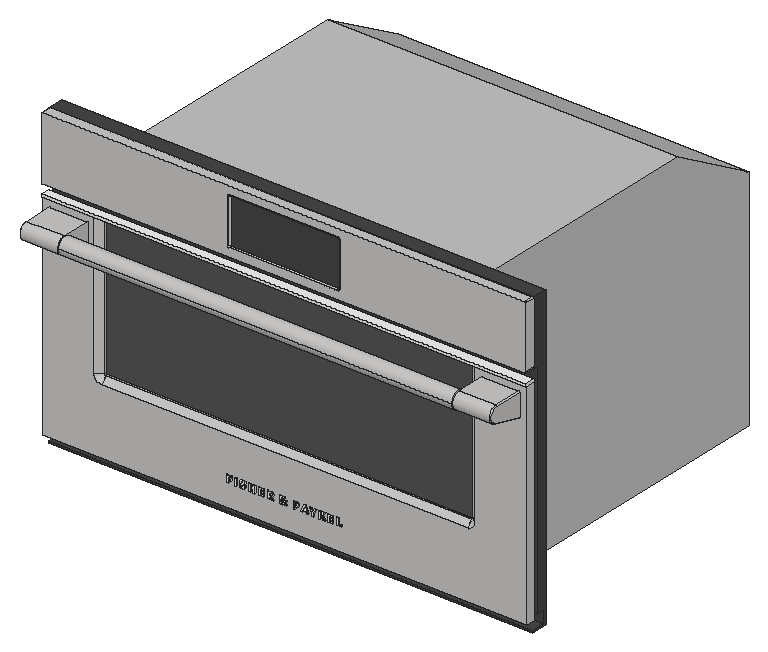
Revit family "FP_Revit_18_OM30NPX1_Speed_Oven_90001974A", category Specialty Equipment, Revit 2018
Family settings
  Round Connector Dimension = Use Diameter
  Part Type = Normal
  OmniClass Number = 23.40.40.14.17.11
  OmniClass Title = Cookers, Ovens, Stoves
  Work Plane-Based = No
  Always vertical = Yes
  Cut with Voids When Loaded = Yes
  Shared = No
  Room Calculation Point = No
Parameters (values of type "OM30NPX1")
  Visibility - Clearance Required = yes
  URL = "www.fisherpaykel.com"
  Product - Width = 758 mm  # constant formula
  Product - Height = 470 mm  # constant formula
  Product - Depth = 623 mm  # constant formula
  Model = "OM30NPX1"
  Material - Trim = Fisher & Paykel - Steel, Chrome Plated
  Material - Structure = Fisher & Paykel - Black
  Material - Logo = Fisher & Paykel - Steel, Chrome Plated
  Material - Handle = Fisher & Paykel - Stainless Steel
  Material - Glass = Fisher & Paykel - Glass, Black
  Material - Front = Fisher & Paykel - Stainless Steel
  Material - Display Panel = Fisher & Paykel - Black
  Material - Body = Fisher & Paykel - Grey
  Manufacturer = "Fisher & Paykel Appliances"
  Keynote = ""
  FFL Offset [instance] = 860 mm
  Description = "30\" Convection Speed Oven"
  Connector Description - Electrical = "120/208 V - 120/240 V, 60 Hz, 15 A circuit"
  Chassis - Width = 645 mm  # constant formula
  Chassis - Height = 447 mm  # constant formula
  Chassis - Depth = 528 mm  # constant formula
  Cavity - Width = 762 mm  # constant formula
  Cavity - Height = 474 mm  # constant formula
  Cavity - Depth = 560 mm  # constant formula
Types (3, lengths in mm): name | Model | Description
  (no name) | "OM30NPX1" | "30\" Convection Speed Oven"
  OS30NPX1 | "OS30NPX1" | "30\" Combination Steam Oven"
  OM30NPX1 | "OM30NPX1" | "30\" Convection Speed Oven"
Reference planes
  plane 1 "Datum": y = 0
  plane 2: z = 0
  plane 3 "Center (Left/Right)": x = 0
  plane 4 "Product - LHS": x = -379
  plane 5 "Product - RHS": x = 379
  plane 6 "Product - Depth": y = 528
  plane 7 "Cavity - LHS": x = -381
  plane 8 "Cavity - RHS": x = 381
  plane 9 "Cavity - Depth": y = 560
  plane 10 "Chassis - LHS": x = -274
  plane 11 "Chassis - RHS": x = 274
  plane 12 "Bottom": z = 862
  plane 13 "Product - Height": z = 1332
  plane 14 "Base": z = 872
  plane 15 "Front": y = -39
  plane 16 "Cavity Base": z = 860
  plane 17 "Cavity - Height": z = 1334
Forms (mm)
  Extrusion 1, solid, material "Fisher & Paykel - Grey" <- "Material - Body"
    sketch origin (0, 0, -15.866) x (0, 1, 0) y (0, 0, 1)
      loop
        line (0, 887.866) -> (528, 887.866) -> (528, 1245.013) -> (391, 1325) -> (17.088, 1325) -> (0, 1334.866) -> (0, 887.866)
    from -274 to 274
  Extrusion 2, solid, material "Fisher & Paykel - Black" <- "Material - Structure"
    sketch origin (0, 0, 0) x (0, 1, 0) y (0, 0, 1)
      loop
        line (0, 1332) -> (-24, 1332) -> (-24, 1232) -> (-16, 1232) -> (-16, 885) -> (-3, 885) -> (-3, 865) -> (-25, 865) -> (-25, 862) -> (0, 862) -> (0, 1332)
    from -379 to 379
  Extrusion 3, solid, material "Fisher & Paykel - Black" <- "Material - Structure", detail levels fine
    sketch origin (0, 0, 0) x (0, 1, 0) y (0, 0, 1)
      loop
        line (-16, 884) -> (-16, 1202) -> (-24, 1202) -> (-24, 884) -> (-16, 884)
    from -273 to 273
  Extrusion 4, solid, material "Fisher & Paykel - Stainless Steel" <- "Material - Front"
    sketch origin (0, 0, 0) x (1, 0, 0) y (0, 0, 1)
      loop
        line (-379, 1213) -> (-379, 878) -> (379, 878) -> (379, 1213) -> (298.5, 1213) -> (298.5, 993.5)
        arc (298.5, 993.5) -> (294.985, 985.015) -> (286.5, 981.5) r 12
        line (286.5, 981.5) -> (-286.5, 981.5)
        arc (-286.5, 981.5) -> (-294.985, 985.015) -> (-298.5, 993.5) r 12
        line (-298.5, 993.5) -> (-298.5, 1213) -> (-379, 1213)
    from 24 to 37.3
  Extrusion 5, solid, material "Fisher & Paykel - Black" <- "Material - Display Panel", detail levels fine
    sketch origin (0, 0, 0) x (1, 0, 0) y (0, 0, 1)
      loop
        line (-87.5, 1319.5) -> (-87.5, 1244.5) -> (87.5, 1244.5) -> (87.5, 1319.5) -> (-87.5, 1319.5)
    from 24 to 36.505
  Extrusion 6, void
    sketch origin (0, 0, 0) x (1, 0, 0) y (0, 0, 1)
      loop
        line (-164, 1038) -> (-224, 1038)
        arc (-224, 1038) -> (-240.263, 1031.263) -> (-247, 1015) r 23
        line (-247, 1015) -> (-247, 933)
        arc (-247, 933) -> (-240.263, 916.737) -> (-224, 910) r 23
        line (-224, 910) -> (-164, 910)
        arc (-164, 910) -> (-147.737, 916.737) -> (-141, 933) r 23
        line (-141, 933) -> (-141, 1015)
        arc (-141, 1015) -> (-147.737, 1031.263) -> (-164, 1038) r 23
      loop
        circle (-194, 967) r 4
    from -528 to -515
  Sweep 7, solid, material "Fisher & Paykel - Stainless Steel" <- "Material - Front"
    path in 3D
      loop
        line (298.5, -37.3, 1213) -> (298.5, -37.3, 993.5)
        arc (298.5, -37.3, 993.5) -> (294.985, -37.3, 985.015) -> (286.5, -37.3, 981.5) r 12
        line (286.5, -37.3, 981.5) -> (-286.5, -37.3, 981.5)
        arc (-286.5, -37.3, 981.5) -> (-294.985, -37.3, 985.015) -> (-298.5, -37.3, 993.5) r 12
        line (-298.5, -37.3, 993.5) -> (-298.5, -37.3, 1213)
    profile origin (0, -37.3, 981.5) x (0, -1, 0) y (0, 0, 1)
      loop
        line (0, 0) -> (-9, 9) -> (-9, 10.5) -> (-10, 10.5) -> (-10, 0) -> (0, 0)
  Extrusion 8, solid, material "Fisher & Paykel - Glass, Black" <- "Material - Glass", detail levels medium+fine
    sketch origin (0, 0, 0) x (1, 0, 0) y (0, 0, 1)
      loop
        line (-298.5, 1213) -> (-298.5, 981.5) -> (298.5, 981.5) -> (298.5, 1213) -> (-298.5, 1213)
    from 24 to 27.3
  Extrusion 9, solid, material "Fisher & Paykel - Steel, Chrome Plated" <- "Material - Trim", detail levels fine
    sketch origin (0, 0, 0) x (1, 0, 0) y (0, 1, 0)
      loop
        line (-379, -24) -> (-379, -38) -> (379, -38) -> (379, -24) -> (-379, -24)
    from 1213 to 1217
  Extrusion 10, solid, material "Fisher & Paykel - Stainless Steel" <- "Material - Handle", detail levels medium+fine
    sketch origin (0, 0, 2) x (0, 1, 0) y (0, 0, 1)
      loop
        line (-37.3, 1199.89) -> (-82.286, 1199.89)
        arc (-82.286, 1199.89) -> (-94.884, 1188.85) -> (-85.594, 1174.912) r 12.708
        line (-85.594, 1174.912) -> (-37.3, 1161.89) -> (-37.3, 1199.89)
    from 308.5 to 368.5
  Extrusion 11, solid, material "Fisher & Paykel - Stainless Steel" <- "Material - Handle", detail levels medium+fine
    sketch origin (0, 0, 2) x (0, 1, 0) y (0, 0, -1)
      loop
        line (-37.3, -1199.89) -> (-37.3, -1161.89) -> (-85.594, -1174.912)
        arc (-85.594, -1174.912) -> (-94.884, -1188.85) -> (-82.286, -1199.89) r 12.708
        line (-82.286, -1199.89) -> (-37.3, -1199.89)
    from 308.5 to 368.5
  Extrusion 12, solid, material "Fisher & Paykel - Stainless Steel" <- "Material - Handle", detail levels medium+fine
    sketch origin (0, -0.338, 2) x (0, 1, 0) y (0, 0, 1)
      loop
        circle (-81.948, 1187.182) r 12.708
    from -308.5 to 308.5
  Extrusion 13, void
    sketch origin (0, 0, 0) x (1, 0, 0) y (0, 0, 1)
      loop
        line (-235, 1229.013) -> (-235, 1220.8) -> (-185, 1220.8) -> (-185, 1229.013) -> (-235, 1229.013)
      loop
        line (-175, 1229.013) -> (-175, 1220.8) -> (-125, 1220.8) -> (-125, 1229.013) -> (-175, 1229.013)
      loop
        line (-115, 1229.013) -> (-115, 1220.8) -> (-65, 1220.8) -> (-65, 1229.013) -> (-115, 1229.013)
      loop
        line (-55, 1229.013) -> (-55, 1220.8) -> (-5, 1220.8) -> (-5, 1229.013) -> (-55, 1229.013)
      loop
        line (235, 1229.013) -> (185, 1229.013) -> (185, 1220.8) -> (235, 1220.8) -> (235, 1229.013)
      loop
        line (175, 1229.013) -> (125, 1229.013) -> (125, 1220.8) -> (175, 1220.8) -> (175, 1229.013)
      loop
        line (115, 1229.013) -> (65, 1229.013) -> (65, 1220.8) -> (115, 1220.8) -> (115, 1229.013)
      loop
        line (55, 1229.013) -> (5, 1229.013) -> (5, 1220.8) -> (55, 1220.8) -> (55, 1229.013)
    from 0 to 16
  Extrusion 14, solid, material "Fisher & Paykel - Grey" <- "Material - Body", detail levels medium+fine
    sketch origin (0, 0, 0) x (1, 0, 0) y (0, 1, 0)
      loop
        line (274, 80) -> (274, 0) -> (322.4, 0) -> (317, 5.4) -> (317, 39) -> (283, 73) -> (283, 80) -> (274, 80)
      loop
        line (-274, 80) -> (-283, 80) -> (-283, 73) -> (-317, 39) -> (-317, 5.4) -> (-322.4, 0) -> (-274, 0) -> (-274, 80)
    from 883 to 884
  Sweep 15, void
    path in 3D
      loop
        line (368.5, -37.3, 1201.89) -> (368.5, -82.286, 1201.89)
        arc (368.5, -82.286, 1201.89) -> (368.5, -94.884, 1190.85) -> (368.5, -85.594, 1176.912) r 12.708
        line (368.5, -85.594, 1176.912) -> (368.5, -36.506, 1163.676)
    profile origin (368.5, -59.793, 1201.89) x (1, 0, 0) y (0, 0, 1)
      loop
        line (0, 0) -> (-1.3, 0) -> (0, -1.3) -> (0, 0)
  Sweep 16, void
    path in 3D
      loop
        line (-368.5, -36.506, 1163.676) -> (-368.5, -85.594, 1176.912)
        arc (-368.5, -85.594, 1176.912) -> (-368.5, -94.884, 1190.85) -> (-368.5, -82.286, 1201.89) r 12.708
        line (-368.5, -82.286, 1201.89) -> (-368.5, -37.3, 1201.89)
    profile origin (-368.5, -59.793, 1201.89) x (-1, 0, 0) y (0, 0, 1)
      loop
        line (0, 0) -> (-1.3, 0) -> (0, -1.3) -> (0, 0)
  Sweep 17, solid, material "Fisher & Paykel - Stainless Steel" <- "Material - Front", detail levels fine
    path in 3D
      loop
        arc (-84.5, -39, 1244.5) -> (-86.621, -39, 1245.379) -> (-87.5, -39, 1247.5) r 3
        line (-87.5, -39, 1247.5) -> (-87.5, -39, 1316.5)
        arc (-87.5, -39, 1316.5) -> (-86.621, -39, 1318.621) -> (-84.5, -39, 1319.5) r 3
        line (-84.5, -39, 1319.5) -> (84.5, -39, 1319.5)
        arc (84.5, -39, 1319.5) -> (86.621, -39, 1318.621) -> (87.5, -39, 1316.5) r 3
        line (87.5, -39, 1316.5) -> (87.5, -39, 1247.5)
        arc (87.5, -39, 1247.5) -> (86.621, -39, 1245.379) -> (84.5, -39, 1244.5) r 3
        line (84.5, -39, 1244.5) -> (-84.5, -39, 1244.5)
    profile origin (0, -39, 1244.5) x (0, -1, 0) y (0, 0, 1)
      loop
        line (0, 0) -> (-2.495, 2.495) -> (-2.495, 0) -> (0, 0)
  Extrusion 18, solid, material "Fisher & Paykel - Stainless Steel" <- "Material - Handle", detail levels coarse
    sketch origin (0, 0, 2) x (0, 1, 0) y (0, 0, 1)
      loop
        line (-37.3, 1199.89) -> (-82.286, 1199.89)
        arc (-82.286, 1199.89) -> (-94.884, 1188.85) -> (-85.594, 1174.912) r 12.708
        line (-85.594, 1174.912) -> (-37.3, 1161.89) -> (-37.3, 1199.89)
    from -368.5 to 368.5
  Sweep 19, solid, material "Fisher & Paykel - Grey" <- "Material - Body", detail levels fine
    path in 3D
      loop
        arc (-164, 528, 910) -> (-147.737, 528, 916.737) -> (-141, 528, 933) r 23
        line (-141, 528, 933) -> (-141, 528, 1015)
        arc (-141, 528, 1015) -> (-147.737, 528, 1031.263) -> (-164, 528, 1038) r 23
        line (-164, 528, 1038) -> (-224, 528, 1038)
        arc (-224, 528, 1038) -> (-240.263, 528, 1031.263) -> (-247, 528, 1015) r 23
        line (-247, 528, 1015) -> (-247, 528, 933)
        arc (-247, 528, 933) -> (-240.263, 528, 916.737) -> (-224, 528, 910) r 23
        line (-224, 528, 910) -> (-164, 528, 910)
    profile origin (-194, 528, 910) x (0, 1, 0) y (0, 0, 1)
      loop
        line (0, 0) -> (-13, 13) -> (-13, 0) -> (0, 0)
  Extrusion 20, solid, material "Fisher & Paykel - Clearance Required", visible <- "Visibility - Clearance Required", detail levels coarse
    sketch origin (0, 0, -1.695) x (0, 1, 0) y (0, 0, 1)
      loop
        line (0, 1335.695) -> (0, 861.695) -> (560, 861.695) -> (560, 1335.695) -> (0, 1335.695)
    from -322.5 to 322.5
  Extrusion 21, void
    sketch origin (0, 0, -1.695) x (0, 1, 0) y (0, 0, 1)
      loop
        line (0, 1335.695) -> (0, 861.695) -> (560, 861.695) -> (560, 1335.695) -> (0, 1335.695)
    from -322.5 to 322.5
  Extrusion 22, solid, material "Fisher & Paykel - Clearance Required", visible <- "Visibility - Clearance Required", detail levels coarse
    sketch origin (0, 0, 0) x (0, 1, 0) y (0, 0, 1)
      loop
        line (0, 860) -> (0, 1334) -> (-39, 1334) -> (-39, 1232)
        arc (-39, 1232) -> (-259.437, 1112.744) -> (-347.495, 878.095) r 357.688
        line (-347.495, 878.095) -> (-331.068, 878.095) -> (-331.068, 833.014)
        arc (-331.068, 833.014) -> (-320.029, 820.416) -> (-306.09, 829.706) r 12.708
        line (-306.09, 829.706) -> (-293.068, 878) -> (-39, 878) -> (-39, 860) -> (0, 860)
    from -381 to 381
  Extrusion 23, solid, material "Fisher & Paykel - Stainless Steel" <- "Material - Front"
    sketch origin (0, 0, 0) x (1, 0, 0) y (0, 0, 1)
      loop
        arc (-376.8, 1332) -> (-378.356, 1331.356) -> (-379, 1329.8) r 2.2
        line (-379, 1329.8) -> (-379, 1233.7)
        arc (-379, 1233.7) -> (-378.502, 1232.498) -> (-377.3, 1232) r 1.7
        line (-377.3, 1232) -> (377.3, 1232)
        arc (377.3, 1232) -> (378.502, 1232.498) -> (379, 1233.7) r 1.7
        line (379, 1233.7) -> (379, 1330.3)
        arc (379, 1330.3) -> (378.502, 1331.502) -> (377.3, 1332) r 1.7
        line (377.3, 1332) -> (-376.8, 1332)
      loop
        arc (-84.5, 1319.5) -> (-86.621, 1318.621) -> (-87.5, 1316.5) r 3
        line (-87.5, 1316.5) -> (-87.5, 1247.5)
        arc (-87.5, 1247.5) -> (-86.621, 1245.379) -> (-84.5, 1244.5) r 3
        line (-84.5, 1244.5) -> (84.5, 1244.5)
        arc (84.5, 1244.5) -> (86.621, 1245.379) -> (87.5, 1247.5) r 3
        line (87.5, 1247.5) -> (87.5, 1316.5)
        arc (87.5, 1316.5) -> (86.621, 1318.621) -> (84.5, 1319.5) r 3
        line (84.5, 1319.5) -> (-84.5, 1319.5)
    from 24 to 39
  Extrusion 24, solid, material "Fisher & Paykel - Steel, Chrome Plated" <- "Material - Logo", detail levels fine
    sketch origin (0, 0, 912) x (1, 0, 0) y (0, 0, 1)
      loop
        line (-89.993, 2) -> (-87.16, 2) -> (-87.16, 5.848) -> (-82.733, 5.848) -> (-82.733, 8.25) -> (-87.16, 8.25) -> (-87.16, 10.481) -> (-82.344, 10.481) -> (-82.344, 12.872) -> (-89.993, 12.872) -> (-89.993, 2)
      loop
        line (-76.961, 12.872) -> (-76.961, 2) -> (-74.128, 2) -> (-74.128, 12.872) -> (-76.961, 12.872)
      loop
        line (-55.218, 12.872) -> (-55.218, 2) -> (-52.385, 2) -> (-52.385, 6.356) -> (-48.224, 6.356) -> (-48.224, 2) -> (-45.391, 2) -> (-45.391, 12.872) -> (-48.224, 12.872) -> (-48.224, 8.746) -> (-52.385, 8.746) -> (-52.385, 12.872) -> (-55.218, 12.872)
      loop
        line (-39.345, 12.872) -> (-39.345, 2) -> (-31.598, 2) -> (-31.598, 4.391) -> (-36.538, 4.391) -> (-36.538, 6.356) -> (-32.023, 6.356) -> (-32.023, 8.746) -> (-36.538, 8.746) -> (-36.538, 10.64) -> (-31.598, 10.64) -> (-31.598, 12.872) -> (-39.345, 12.872)
      loop
        line (82.287, 12.872) -> (82.287, 2) -> (90.007, 2) -> (90.007, 4.391) -> (85.12, 4.391) -> (85.12, 12.872) -> (82.287, 12.872)
      loop
        line (76.463, 12.872) -> (68.689, 12.872) -> (68.689, 2) -> (76.463, 2) -> (76.463, 4.391) -> (71.522, 4.391) -> (71.522, 6.356) -> (76.037, 6.356) -> (76.037, 8.746) -> (71.522, 8.746) -> (71.522, 10.481) -> (76.463, 10.481) -> (76.463, 12.872)
      loop
        line (60.297, 7.666) -> (64.316, 12.872) -> (61.005, 12.872) -> (57.534, 8.375) -> (57.534, 12.872) -> (54.701, 12.872) -> (54.701, 2) -> (57.534, 2) -> (57.534, 6.87) -> (61.111, 2) -> (64.459, 2) -> (60.297, 7.666)
      loop
        line (39.651, 12.872) -> (43.759, 6.356) -> (43.759, 2) -> (46.592, 2) -> (46.592, 6.214) -> (50.7, 12.872) -> (47.69, 12.872) -> (45.265, 8.673) -> (42.841, 12.872) -> (39.651, 12.872)
      loop
        line (33.348, 12.872) -> (30.656, 12.872) -> (26.229, 2) -> (29.01, 2) -> (29.789, 4.001) -> (34.145, 4.001) -> (34.923, 2) -> (37.775, 2) -> (33.348, 12.872)
      loop
        line (33.206, 6.391) -> (31.934, 9.514) -> (30.719, 6.391) -> (33.206, 6.391)
      loop
        line (14.543, 12.872) -> (14.543, 2) -> (17.376, 2) -> (17.376, 5.488) -> (19.166, 5.488)
        arc (19.166, 5.488) -> (22.857, 9.18) -> (19.166, 12.872) r 3.692
        line (19.166, 12.872) -> (14.543, 12.872)
      loop
        line (17.376, 10.481) -> (17.376, 7.755) -> (18.989, 7.755)
        arc (18.989, 7.755) -> (20.352, 9.118) -> (18.989, 10.481) r 1.363
        line (18.989, 10.481) -> (17.376, 10.481)
      loop
        line (-21.123, 12.872) -> (-25.773, 12.872) -> (-25.773, 2) -> (-22.94, 2) -> (-22.94, 5.027) -> (-21.974, 5.027) -> (-19.664, 2) -> (-16.388, 2) -> (-19.163, 5.551)
        arc (-19.163, 5.551) -> (-17.333, 9.964) -> (-21.123, 12.872) r 3.923
      loop
        line (-21.328, 10.481) -> (-22.94, 10.481) -> (-22.94, 7.495) -> (-21.328, 7.495)
        arc (-21.328, 7.495) -> (-19.835, 8.988) -> (-21.328, 10.481) r 1.493
      loop
        line (0.946, 10.481) -> (0.946, 13.075) -> (-6.349, 13.075) -> (-6.349, 10.732) -> (-5.266, 9.401)
        arc (-5.266, 9.401) -> (-6.232, 3.23) -> (0.006, 2.921) r 4.2
        line (0.006, 2.921) -> (0.756, 2) -> (3.97, 2) -> (1.635, 4.87) -> (3.745, 7.909) -> (0.833, 7.909) -> (0.063, 6.8) -> (-2.932, 10.481) -> (0.946, 10.481)
      loop
        arc (-3.739, 7.523) -> (-3.998, 5.002) -> (-1.476, 4.743) r 1.792
        line (-1.476, 4.743) -> (-3.739, 7.523)
      loop
        line (-63.238, 8.541) -> (-65.642, 9.039)
        arc (-65.642, 9.039) -> (-66.601, 9.998) -> (-65.642, 10.957) r 0.959
        arc (-65.642, 10.957) -> (-63.335, 10.623) -> (-61.22, 9.646) r 8.108
        line (-61.22, 9.646) -> (-61.22, 12.338)
        arc (-61.22, 12.338) -> (-63.902, 13.123) -> (-66.694, 12.996) r 8.507
        arc (-66.694, 12.996) -> (-69.278, 9.803) -> (-66.694, 6.609) r 3.266
        line (-66.694, 6.609) -> (-64.27, 6.107)
        arc (-64.27, 6.107) -> (-63.312, 5.148) -> (-64.271, 4.189) r 0.959
        arc (-64.271, 4.189) -> (-66.577, 4.524) -> (-68.692, 5.501) r 8.108
        line (-68.692, 5.501) -> (-68.692, 2.809)
        arc (-68.692, 2.809) -> (-66.01, 2.023) -> (-63.218, 2.15) r 8.507
        arc (-63.218, 2.15) -> (-60.634, 5.354) -> (-63.238, 8.541) r 3.266
    from 37.3 to 38.1
  Extrusion 25, solid, material "Fisher & Paykel - Stainless Steel" <- "Material - Handle", not visible, detail levels medium+fine
    sketch origin (0, 0, 0) x (0, 1, 0) y (0, 0, 1)
      loop
        line (-37.3, 1199.89) -> (-82.286, 1199.89)
        arc (-82.286, 1199.89) -> (-94.884, 1188.85) -> (-85.594, 1174.912) r 12.708
        line (-85.594, 1174.912) -> (-37.3, 1161.89) -> (-37.3, 1199.89)
    from 308.5 to 368.5
  Extrusion 26, solid, material "Fisher & Paykel - Stainless Steel" <- "Material - Handle", not visible, detail levels medium+fine
    sketch origin (0, 0, 0) x (0, 1, 0) y (0, 0, -1)
      loop
        line (-37.3, -1199.89) -> (-37.3, -1161.89) -> (-85.594, -1174.912)
        arc (-85.594, -1174.912) -> (-94.884, -1188.85) -> (-82.286, -1199.89) r 12.708
        line (-82.286, -1199.89) -> (-37.3, -1199.89)
    from 308.5 to 368.5
  Extrusion 27, solid, material "Fisher & Paykel - Stainless Steel" <- "Material - Handle", not visible, detail levels medium+fine
    sketch origin (0, -0.338, 0) x (0, 1, 0) y (0, 0, 1)
      loop
        circle (-81.948, 1187.182) r 12.708
    from -308.5 to 308.5
  Sweep 28, void, not visible
    path in 3D
      loop
        line (368.5, -37.3, 1199.89) -> (368.5, -82.286, 1199.89)
        arc (368.5, -82.286, 1199.89) -> (368.5, -94.884, 1188.85) -> (368.5, -85.594, 1174.912) r 12.708
        line (368.5, -85.594, 1174.912) -> (368.5, -36.506, 1161.676)
    profile origin (368.5, -59.793, 1199.89) x (1, 0, 0) y (0, 0, 1)
      loop
        line (0, 0) -> (-1.3, 0) -> (0, -1.3) -> (0, 0)
  Sweep 29, void, not visible
    path in 3D
      loop
        line (-368.5, -36.506, 1161.676) -> (-368.5, -85.594, 1174.912)
        arc (-368.5, -85.594, 1174.912) -> (-368.5, -94.884, 1188.85) -> (-368.5, -82.286, 1199.89) r 12.708
        line (-368.5, -82.286, 1199.89) -> (-368.5, -37.3, 1199.89)
    profile origin (-368.5, -59.793, 1199.89) x (-1, 0, 0) y (0, 0, 1)
      loop
        line (0, 0) -> (-1.3, 0) -> (0, -1.3) -> (0, 0)
  Extrusion 30, solid, material "Fisher & Paykel - Stainless Steel" <- "Material - Handle", not visible, detail levels coarse
    sketch origin (0, 0, 0) x (0, 1, 0) y (0, 0, 1)
      loop
        line (-37.3, 1199.89) -> (-82.286, 1199.89)
        arc (-82.286, 1199.89) -> (-94.884, 1188.85) -> (-85.594, 1174.912) r 12.708
        line (-85.594, 1174.912) -> (-37.3, 1161.89) -> (-37.3, 1199.89)
    from -368.5 to 368.5
  Extrusion 31, void
    sketch origin (0, 0, 0) x (0, 1, 0) y (0, 0, 1)
      loop
        line (0, 860) -> (0, 1334) -> (-39, 1334) -> (-39, 860) -> (0, 860)
    from -381 to 381
Cuts and joins
  Sweep 15, Sweep 16 cuts Sweep 7
  joined: Extrusion 4, Sweep 7
  Extrusion 6, Extrusion 13 cuts Extrusion 1
  Extrusion 13 cuts Extrusion 2
  Sweep 15 cuts Extrusion 10
  Sweep 16 cuts Extrusion 11
Lines and regions (mm)
  sketch lines
    curve 1: line (286.5, -37.3, 981.5) -> (-286.5, -37.3, 981.5)
    curve 2: arc (286.5, -37.3, 981.5) -> (294.985, -37.3, 985.015) -> (298.5, -37.3, 993.5) r 12
    curve 3: line (298.5, -37.3, 1213) -> (298.5, -37.3, 993.5)
    curve 4: arc (-298.5, -37.3, 993.5) -> (-294.985, -37.3, 985.015) -> (-286.5, -37.3, 981.5) r 12
    curve 5: line (-298.5, -37.3, 993.5) -> (-298.5, -37.3, 1213)
    curve 6: line (368.5, -37.3, 1201.89) -> (368.5, -82.286, 1201.89)
    curve 7: arc (368.5, -85.594, 1176.912) -> (368.5, -94.884, 1190.85) -> (368.5, -82.286, 1201.89) r 12.708
    curve 8: line (368.5, -85.594, 1176.912) -> (368.5, -36.506, 1163.676)
    curve 9: line (-368.5, -82.286, 1201.89) -> (-368.5, -37.3, 1201.89)
    curve 10: arc (-368.5, -82.286, 1201.89) -> (-368.5, -94.884, 1190.85) -> (-368.5, -85.594, 1176.912) r 12.708
    curve 11: line (-368.5, -36.506, 1163.676) -> (-368.5, -85.594, 1176.912)
    curve 12: line (-224, 528, 910) -> (-164, 528, 910)
    curve 13: arc (-224, 528, 910) -> (-240.263, 528, 916.737) -> (-247, 528, 933) r 23
    curve 14: line (-247, 528, 1015) -> (-247, 528, 933)
    curve 15: arc (-247, 528, 1015) -> (-240.263, 528, 1031.263) -> (-224, 528, 1038) r 23
    curve 16: line (-164, 528, 1038) -> (-224, 528, 1038)
    curve 17: arc (-164, 528, 1038) -> (-147.737, 528, 1031.263) -> (-141, 528, 1015) r 23
    curve 18: line (-141, 528, 933) -> (-141, 528, 1015)
    curve 19: arc (-141, 528, 933) -> (-147.737, 528, 916.737) -> (-164, 528, 910) r 23
    curve 20: line (84.5, -39, 1244.5) -> (-84.5, -39, 1244.5)
    curve 21: arc (-87.5, -39, 1247.5) -> (-86.621, -39, 1245.379) -> (-84.5, -39, 1244.5) r 3
    curve 22: line (-87.5, -39, 1247.5) -> (-87.5, -39, 1316.5)
    curve 23: arc (-84.5, -39, 1319.5) -> (-86.621, -39, 1318.621) -> (-87.5, -39, 1316.5) r 3
    curve 24: line (-84.5, -39, 1319.5) -> (84.5, -39, 1319.5)
    curve 25: arc (87.5, -39, 1316.5) -> (86.621, -39, 1318.621) -> (84.5, -39, 1319.5) r 3
    curve 26: line (87.5, -39, 1316.5) -> (87.5, -39, 1247.5)
    curve 27: arc (84.5, -39, 1244.5) -> (86.621, -39, 1245.379) -> (87.5, -39, 1247.5) r 3
  sketch lines, not visible
    curve 28: line (368.5, -37.3, 1199.89) -> (368.5, -82.286, 1199.89)
    curve 29: arc (368.5, -85.594, 1174.912) -> (368.5, -94.884, 1188.85) -> (368.5, -82.286, 1199.89) r 12.708
    curve 30: line (368.5, -85.594, 1174.912) -> (368.5, -36.506, 1161.676)
    curve 31: line (-368.5, -82.286, 1199.89) -> (-368.5, -37.3, 1199.89)
    curve 32: arc (-368.5, -82.286, 1199.89) -> (-368.5, -94.884, 1188.85) -> (-368.5, -85.594, 1174.912) r 12.708
    curve 33: line (-368.5, -36.506, 1161.676) -> (-368.5, -85.594, 1174.912)
Text (mm)
  text "Due to ongoing product development, product details are subject to change without notice. \nPlease always refer to www.fisherpaykel.com for the most current product information. \n© Fisher & Paykel 2020" at (41.04, -459.323, 0), in view "Ref. Level (Plan)"
Dimensions and locks
  equal spacing: plane 4 "Product - LHS", plane 3 "Center (Left/Right)", plane 5 "Product - RHS"
  equal spacing: plane 7 "Cavity - LHS", plane 3 "Center (Left/Right)", plane 8 "Cavity - RHS"
  equal spacing: plane 10 "Chassis - LHS", plane 3 "Center (Left/Right)", plane 11 "Chassis - RHS"
  "Chassis - Depth": plane 6 "Product - Depth" to plane 1 "Datum"
  locked: Extrusion 6 to plane 6 "Product - Depth" at 13
  Extrusion 9 sketch curve to Extrusion 9 sketch curve = 758 mm
  "Product - Width": plane 4 "Product - LHS" to plane 5 "Product - RHS"
  Extrusion 10 to plane 12 "Bottom" = 339.89 mm
  locked: plane 12 "Bottom" to Extrusion 3 at 22
  locked: plane 12 "Bottom" to cut or joined group of Extrusion 2, Extrusion 13 at 23
  locked: Extrusion 10 to plane 12 "Bottom" at 339.89
  locked: Extrusion 14 to plane 12 "Bottom" at 22
  locked: plane 12 "Bottom" to cut or joined group of Extrusion 4, Sweep 7, Sweep 15, Sweep 16 at 16
  locked: plane 12 "Bottom" to cut or joined group of Extrusion 4, Sweep 7, Sweep 15, Sweep 16 at 119.5
  locked: Extrusion 4 sketch curve to plane 12 "Bottom" at 119.5
  equal spacing: Extrusion 20, plane 3 "Center (Left/Right)", Extrusion 20
  locked: plane 12 "Bottom" to Extrusion 22 at 16
  "Cavity - Depth": plane 1 "Datum" to plane 9 "Cavity - Depth"
  locked: plane 14 "Base" to plane 12 "Bottom" at 10
  locked: Extrusion 14 to plane 14 "Base" at 11
  "Product - Height": plane 13 "Product - Height" to plane 12 "Bottom"
  "Cavity - Width": plane 7 "Cavity - LHS" to plane 8 "Cavity - RHS"
  plane 6 "Product - Depth" to Extrusion 12 = 622.994 mm
  "Chassis - Height": cut or joined group of Extrusion 1, Extrusion 6, Extrusion 13 to plane 14 "Base"
  locked: cut or joined group of Extrusion 1, Extrusion 6, Extrusion 13 to plane 14 "Base" at 437.134
  "Chassis - Width": Extrusion 21 to Extrusion 21
  plane 15 "Front" to plane 1 "Datum" = 39 mm
  locked: Extrusion 9 to plane 12 "Bottom" at 355
  locked: Extrusion 9 to plane 12 "Bottom" at 351
  locked: plane 13 "Product - Height" to Sweep 17 at 87.5
  locked: plane 13 "Product - Height" to Sweep 17 at 12.5
  plane 1 "Datum" to plane 15 "Front" = 39 mm
  equal spacing: Extrusion 21, plane 3 "Center (Left/Right)", Extrusion 21
  cut or joined group of Extrusion 1, Extrusion 6, Extrusion 13 to plane 15 "Front" = 567 mm
  locked: Extrusion 24 to plane 14 "Base" at 42
  locked: plane 12 "Bottom" to plane 16 "Cavity Base" at 2
  "Cavity - Height": plane 17 "Cavity - Height" to plane 16 "Cavity Base"
  "FFL Offset": plane 16 "Cavity Base" to level
  aligned and locked: level to plane 2
  aligned and locked: plane 6 "Product - Depth" to Extrusion 1
  aligned and locked: plane 10 "Chassis - LHS" to Extrusion 1
  aligned and locked: plane 11 "Chassis - RHS" to Extrusion 1
  aligned and locked: plane 5 "Product - RHS" to Extrusion 4
  aligned and locked: Extrusion 3 to Extrusion 5
  aligned and locked: plane 6 "Product - Depth" to Extrusion 6
  aligned and locked: Extrusion 8 to Sweep 7
  aligned and locked: Extrusion 8 to Extrusion 3
  aligned and locked: Extrusion 12 to Extrusion 10
  aligned and locked: Extrusion 12 to Extrusion 11
  aligned and locked: Extrusion 13 to Extrusion 3
  aligned and locked: Extrusion 13 to plane 1 "Datum"
  aligned and locked: Extrusion 2 to plane 12 "Bottom"
  aligned and locked: profile plane to Sweep 17 sketch curve
  aligned and locked: Sweep 19 sketch curve to cut or joined group of Extrusion 1, Extrusion 6, Extrusion 13
  aligned and locked: profile plane to Sweep 19 sketch curve
  aligned and locked: plane 9 "Cavity - Depth" to Extrusion 20 sketch curve
  aligned and locked: Extrusion 4 to Sweep 7
  aligned and locked: Extrusion 21 to Extrusion 20
  aligned and locked: Extrusion 9 to Extrusion 8
  aligned and locked: plane 7 "Cavity - LHS" to Extrusion 22
  aligned and locked: Extrusion 22 to plane 8 "Cavity - RHS"
  aligned and locked: cut or joined group of Extrusion 1, Extrusion 6, Extrusion 13 to plane 14 "Base"
  aligned and locked: Extrusion 20 to Extrusion 21
  aligned and locked: Extrusion 9 sketch curve to plane 4 "Product - LHS"
  aligned and locked: plane 4 "Product - LHS" to cut or joined group of Extrusion 2, Extrusion 13
  aligned and locked: cut or joined group of Extrusion 2, Extrusion 13 to plane 5 "Product - RHS"
  aligned and locked: Extrusion 9 to plane 5 "Product - RHS"
  aligned and locked: Extrusion 4 sketch curve to Extrusion 9  (x2)
  aligned and locked: Extrusion 9 to Extrusion 4 sketch curve
  aligned and locked: plane 13 "Product - Height" to Extrusion 23 sketch curve
  aligned and locked: plane 4 "Product - LHS" to Extrusion 9
  aligned and locked: cut or joined group of Extrusion 4, Sweep 7, Sweep 15, Sweep 16 to plane 5 "Product - RHS"
  aligned and locked: plane 17 "Cavity - Height" to Extrusion 22
  aligned and locked: plane 17 "Cavity - Height" to Extrusion 31
  aligned and locked: Extrusion 22 to plane 16 "Cavity Base"
  aligned and locked: Extrusion 31 to plane 16 "Cavity Base"
  aligned and locked: Extrusion 21 to plane 16 "Cavity Base"
  aligned and locked: Extrusion 20 to plane 16 "Cavity Base"
  aligned and locked: plane 17 "Cavity - Height" to Extrusion 21
Automatic sketch dimensions
  Extrusion 10 sketch curve to Extrusion 10 sketch curve = 3.308 mm
  Extrusion 10 sketch curve to Extrusion 10 sketch curve = 13.022 mm
  Extrusion 10 sketch curve to Extrusion 10 sketch curve = 12.27 mm
  Extrusion 11 sketch curve to Extrusion 11 sketch curve = 3.308 mm
  Extrusion 11 sketch curve to Extrusion 11 sketch curve = 12.708 mm
  Extrusion 11 sketch curve to Extrusion 11 sketch curve = 38 mm
  Sweep 15 sketch curve to profile plane = 0 mm
  profile plane to Sweep 15 sketch curve = 0 mm
  profile plane to Sweep 15 sketch curve = 1.3 mm
  Sweep 15 sketch curve to profile plane = 1.3 mm
  Sweep 16 sketch curve to profile plane = 0 mm  (x2)
  profile plane to Sweep 16 sketch curve = 1.3 mm
  Sweep 16 sketch curve to profile plane = 1.3 mm
  Extrusion 18 sketch curve to Extrusion 18 sketch curve = 3.308 mm
  Extrusion 18 sketch curve to Extrusion 18 sketch curve = 13.022 mm
  Extrusion 18 sketch curve to Extrusion 18 sketch curve = 12.27 mm
  Extrusion 10 sketch curve to Extrusion 10 sketch curve = 44.986 mm
  Extrusion 11 sketch curve to Extrusion 11 sketch curve = 44.986 mm
  Extrusion 18 sketch curve to Extrusion 18 sketch curve = 44.986 mm
  Extrusion 25 sketch curve to Extrusion 25 sketch curve = 3.308 mm
  Extrusion 25 sketch curve to Extrusion 25 sketch curve = 13.022 mm
  Extrusion 25 sketch curve to Extrusion 25 sketch curve = 12.27 mm
  Extrusion 26 sketch curve to Extrusion 26 sketch curve = 3.308 mm
  Extrusion 26 sketch curve to Extrusion 26 sketch curve = 12.708 mm
  Extrusion 26 sketch curve to Extrusion 26 sketch curve = 38 mm
  Sweep 28 sketch curve to profile plane = 0 mm
  profile plane to Sweep 28 sketch curve = 0 mm
  profile plane to Sweep 28 sketch curve = 1.3 mm
  Sweep 28 sketch curve to profile plane = 1.3 mm
  Sweep 29 sketch curve to profile plane = 0 mm  (x2)
  profile plane to Sweep 29 sketch curve = 1.3 mm
  Sweep 29 sketch curve to profile plane = 1.3 mm
  Extrusion 30 sketch curve to Extrusion 30 sketch curve = 3.308 mm
  Extrusion 30 sketch curve to Extrusion 30 sketch curve = 13.022 mm
  Extrusion 30 sketch curve to Extrusion 30 sketch curve = 12.27 mm
  Extrusion 25 sketch curve to Extrusion 25 sketch curve = 44.986 mm
  Extrusion 26 sketch curve to Extrusion 26 sketch curve = 44.986 mm
  Extrusion 30 sketch curve to Extrusion 30 sketch curve = 44.986 mm
  Extrusion 1 sketch curve to plane 1 "Datum" = 0 mm
  Extrusion 1 sketch curve to plane 6 "Product - Depth" = 0 mm
  Extrusion 1 sketch curve to plane 14 "Base" = 0 mm
  Extrusion 1 sketch curve to plane 1 "Datum" = 17.088 mm
  Extrusion 1 sketch curve to plane 6 "Product - Depth" = 137 mm
  Extrusion 2 sketch curve to plane 12 "Bottom" = 0 mm
  Extrusion 2 sketch curve to plane 13 "Product - Height" = 0 mm
  Extrusion 2 sketch curve to plane 1 "Datum" = 0 mm
  plane 1 "Datum" to Extrusion 2 sketch curve = 3 mm
  plane 1 "Datum" to Extrusion 2 sketch curve = 16 mm
  Extrusion 2 sketch curve to Extrusion 2 sketch curve = 8 mm
  plane 12 "Bottom" to Extrusion 2 sketch curve = 3 mm
  plane 15 "Front" to Extrusion 2 sketch curve = 14 mm
  plane 14 "Base" to Extrusion 2 sketch curve = 13 mm
  plane 15 "Front" to Extrusion 3 sketch curve = 15 mm
  Extrusion 3 sketch curve to Extrusion 3 sketch curve = 8 mm
  plane 14 "Base" to Extrusion 3 sketch curve = 12 mm
  Extrusion 4 sketch curve to plane 4 "Product - LHS" = 0 mm
  Extrusion 4 sketch curve to plane 5 "Product - RHS" = 0 mm
  plane 10 "Chassis - LHS" to Extrusion 4 sketch curve = 24.5 mm
  Extrusion 4 sketch curve to Extrusion 4 sketch curve = 12 mm
  plane 11 "Chassis - RHS" to Extrusion 4 sketch curve = 12.5 mm
  plane 11 "Chassis - RHS" to Extrusion 4 sketch curve = 24.5 mm
  plane 14 "Base" to Extrusion 4 sketch curve = 6 mm
  Extrusion 5 sketch curve to plane 3 "Center (Left/Right)" = 87.5 mm
  plane 3 "Center (Left/Right)" to Extrusion 5 sketch curve = 87.5 mm
  Extrusion 6 sketch curve to plane 10 "Chassis - LHS" = 27 mm
  Extrusion 6 sketch curve to Extrusion 6 sketch curve = 23 mm  (x3)
  Extrusion 6 sketch curve to Extrusion 6 sketch curve = 30 mm  (x2)
  plane 14 "Base" to Extrusion 6 sketch curve = 38 mm
  Extrusion 6 sketch curve to Extrusion 6 sketch curve = 60 mm
  Extrusion 6 sketch curve to Extrusion 6 sketch curve = 34 mm
  Extrusion 6 sketch curve to Extrusion 6 sketch curve = 48 mm
  Sweep 7 sketch curve to profile plane = 0 mm  (x2)
  profile plane to Sweep 7 sketch curve = 9 mm  (x2)
  Sweep 7 sketch curve to Sweep 7 sketch curve = 1 mm
  Sweep 7 sketch curve to Sweep 7 sketch curve = 1.5 mm
  plane 10 "Chassis - LHS" to Extrusion 8 sketch curve = 24.5 mm
  plane 11 "Chassis - RHS" to Extrusion 8 sketch curve = 24.5 mm
  plane 14 "Base" to Extrusion 8 sketch curve = 109.5 mm
  plane 15 "Front" to Extrusion 9 sketch curve = 1 mm
  Extrusion 9 sketch curve to Extrusion 9 sketch curve = 14 mm
  Extrusion 13 sketch curve to plane 10 "Chassis - LHS" = 39 mm
  Extrusion 13 sketch curve to Extrusion 13 sketch curve = 50 mm  (x6)
  Extrusion 13 sketch curve to Extrusion 13 sketch curve = 10 mm  (x6)
  Extrusion 13 sketch curve to plane 3 "Center (Left/Right)" = 5 mm
  plane 3 "Center (Left/Right)" to Extrusion 13 sketch curve = 5 mm
  Extrusion 13 sketch curve to plane 11 "Chassis - RHS" = 39 mm
  Extrusion 13 sketch curve to Extrusion 13 sketch curve = 0 mm  (x6)
  Extrusion 13 sketch curve to Extrusion 13 sketch curve = 8.213 mm  (x8)
  plane 1 "Datum" to Extrusion 14 sketch curve = 0 mm  (x2)
  plane 10 "Chassis - LHS" to Extrusion 14 sketch curve = 48.4 mm
  Extrusion 14 sketch curve to Extrusion 14 sketch curve = 5.4 mm  (x2)
  plane 10 "Chassis - LHS" to Extrusion 14 sketch curve = 9 mm
  plane 10 "Chassis - LHS" to Extrusion 14 sketch curve = 0 mm
  plane 11 "Chassis - RHS" to Extrusion 14 sketch curve = 0 mm
  plane 11 "Chassis - RHS" to Extrusion 14 sketch curve = 9 mm
  plane 11 "Chassis - RHS" to Extrusion 14 sketch curve = 43 mm
  Extrusion 14 sketch curve to plane 1 "Datum" = 5.4 mm  (x2)
  Extrusion 14 sketch curve to Extrusion 14 sketch curve = 33.6 mm  (x2)
  Extrusion 14 sketch curve to Extrusion 14 sketch curve = 34 mm  (x2)
  Extrusion 14 sketch curve to Extrusion 14 sketch curve = 7 mm  (x2)
  Sweep 17 sketch curve to profile plane = 0 mm
  profile plane to Sweep 17 sketch curve = 2.495 mm  (x2)
  Sweep 19 sketch curve to profile plane = 0 mm
  profile plane to Sweep 19 sketch curve = 13 mm
  Extrusion 20 sketch curve to plane 1 "Datum" = 0 mm
  Extrusion 20 sketch curve to plane 12 "Bottom" = 2 mm
  Extrusion 21 sketch curve to plane 1 "Datum" = 0 mm
  Extrusion 21 sketch curve to plane 9 "Cavity - Depth" = 0 mm
  Extrusion 21 sketch curve to plane 12 "Bottom" = 2 mm
  Extrusion 23 sketch curve to plane 4 "Product - LHS" = 0 mm
  Extrusion 23 sketch curve to plane 5 "Product - RHS" = 0 mm
  Extrusion 23 sketch curve to plane 4 "Product - LHS" = 1.7 mm
  Extrusion 23 sketch curve to plane 4 "Product - LHS" = 2.2 mm
  Extrusion 23 sketch curve to plane 3 "Center (Left/Right)" = 87.5 mm
  Extrusion 23 sketch curve to Extrusion 23 sketch curve = 3 mm  (x3)
  plane 3 "Center (Left/Right)" to Extrusion 23 sketch curve = 84.5 mm
  Extrusion 23 sketch curve to Extrusion 23 sketch curve = 0 mm
  plane 5 "Product - RHS" to Extrusion 23 sketch curve = 1.7 mm  (x2)
  Extrusion 23 sketch curve to Extrusion 23 sketch curve = 69 mm
  plane 14 "Base" to Extrusion 24 sketch curve = 42 mm  (x2)
  Extrusion 24 sketch curve to plane 3 "Center (Left/Right)" = 89.993 mm
  Extrusion 24 sketch curve to Extrusion 24 sketch curve = 2.833 mm  (x13)
  Extrusion 24 sketch curve to Extrusion 24 sketch curve = 4.427 mm
  Extrusion 24 sketch curve to Extrusion 24 sketch curve = 0.389 mm
  Extrusion 24 sketch curve to Extrusion 24 sketch curve = 5.383 mm
  Extrusion 24 sketch curve to Extrusion 24 sketch curve = 5.436 mm
  Extrusion 24 sketch curve to Extrusion 24 sketch curve = 1.998 mm
  Extrusion 24 sketch curve to Extrusion 24 sketch curve = 0.682 mm
  Extrusion 24 sketch curve to Extrusion 24 sketch curve = 0.371 mm  (x2)
  Extrusion 24 sketch curve to Extrusion 24 sketch curve = 0.648 mm
  Extrusion 24 sketch curve to Extrusion 24 sketch curve = 0.723 mm
  Extrusion 24 sketch curve to Extrusion 24 sketch curve = 1.371 mm
  Extrusion 24 sketch curve to Extrusion 24 sketch curve = 0 mm  (x21)
  Extrusion 24 sketch curve to Extrusion 24 sketch curve = 2.404 mm
  Extrusion 24 sketch curve to Extrusion 24 sketch curve = 3.051 mm
  Extrusion 24 sketch curve to Extrusion 24 sketch curve = 8.682 mm
  Extrusion 24 sketch curve to Extrusion 24 sketch curve = 4.161 mm  (x2)
  Extrusion 24 sketch curve to Extrusion 24 sketch curve = 6.046 mm
  Extrusion 24 sketch curve to Extrusion 24 sketch curve = 2.807 mm  (x2)
  Extrusion 24 sketch curve to Extrusion 24 sketch curve = 4.515 mm  (x2)
  Extrusion 24 sketch curve to Extrusion 24 sketch curve = 0.425 mm  (x4)
  Extrusion 24 sketch curve to Extrusion 24 sketch curve = 5.825 mm
  Extrusion 24 sketch curve to Extrusion 24 sketch curve = 0.966 mm
  Extrusion 24 sketch curve to Extrusion 24 sketch curve = 1.611 mm
  Extrusion 24 sketch curve to Extrusion 24 sketch curve = 0.206 mm
  Extrusion 24 sketch curve to Extrusion 24 sketch curve = 3.276 mm  (x2)
  Extrusion 24 sketch curve to Extrusion 24 sketch curve = 2.811 mm
  Extrusion 24 sketch curve to plane 3 "Center (Left/Right)" = 6.349 mm
  Extrusion 24 sketch curve to Extrusion 24 sketch curve = 1.083 mm
  Extrusion 24 sketch curve to Extrusion 24 sketch curve = 1.528 mm
  Extrusion 24 sketch curve to Extrusion 24 sketch curve = 0.765 mm
  Extrusion 24 sketch curve to Extrusion 24 sketch curve = 2.335 mm
  Extrusion 24 sketch curve to Extrusion 24 sketch curve = 0.366 mm
  Extrusion 24 sketch curve to plane 3 "Center (Left/Right)" = 1.476 mm
  plane 3 "Center (Left/Right)" to Extrusion 24 sketch curve = 0.006 mm
  plane 3 "Center (Left/Right)" to Extrusion 24 sketch curve = 0.063 mm
  plane 3 "Center (Left/Right)" to Extrusion 24 sketch curve = 0.756 mm
  plane 3 "Center (Left/Right)" to Extrusion 24 sketch curve = 0.833 mm
  plane 3 "Center (Left/Right)" to Extrusion 24 sketch curve = 0.946 mm
  plane 3 "Center (Left/Right)" to Extrusion 24 sketch curve = 1.635 mm
  Extrusion 24 sketch curve to Extrusion 24 sketch curve = 2.912 mm
  Extrusion 24 sketch curve to Extrusion 24 sketch curve = 3.214 mm
  Extrusion 24 sketch curve to Extrusion 24 sketch curve = 10.799 mm
  Extrusion 24 sketch curve to Extrusion 24 sketch curve = 1.612 mm
  Extrusion 24 sketch curve to Extrusion 24 sketch curve = 0.177 mm
  Extrusion 24 sketch curve to Extrusion 24 sketch curve = 7.064 mm
  Extrusion 24 sketch curve to Extrusion 24 sketch curve = 2.781 mm
  Extrusion 24 sketch curve to Extrusion 24 sketch curve = 0.779 mm  (x2)
  Extrusion 24 sketch curve to Extrusion 24 sketch curve = 0.868 mm
  Extrusion 24 sketch curve to Extrusion 24 sketch curve = 0.93 mm
  Extrusion 24 sketch curve to Extrusion 24 sketch curve = 1.215 mm
  Extrusion 24 sketch curve to Extrusion 24 sketch curve = 2.487 mm
  Extrusion 24 sketch curve to Extrusion 24 sketch curve = 2.692 mm  (x3)
  Extrusion 24 sketch curve to Extrusion 24 sketch curve = 0.939 mm
  Extrusion 24 sketch curve to Extrusion 24 sketch curve = 2.851 mm
  Extrusion 24 sketch curve to Extrusion 24 sketch curve = 6.303 mm
  Extrusion 24 sketch curve to Extrusion 24 sketch curve = 3.19 mm
  Extrusion 24 sketch curve to Extrusion 24 sketch curve = 0.918 mm
  Extrusion 24 sketch curve to Extrusion 24 sketch curve = 1.507 mm
  Extrusion 24 sketch curve to Extrusion 24 sketch curve = 4.849 mm
  Extrusion 24 sketch curve to Extrusion 24 sketch curve = 3.011 mm
  Extrusion 24 sketch curve to Extrusion 24 sketch curve = 4.001 mm
  Extrusion 24 sketch curve to Extrusion 24 sketch curve = 2.763 mm
  Extrusion 24 sketch curve to Extrusion 24 sketch curve = 3.471 mm
  Extrusion 24 sketch curve to Extrusion 24 sketch curve = 3.577 mm
  Extrusion 24 sketch curve to Extrusion 24 sketch curve = 3.311 mm
  Extrusion 24 sketch curve to Extrusion 24 sketch curve = 3.348 mm
  Extrusion 24 sketch curve to Extrusion 24 sketch curve = 4.373 mm
  Extrusion 24 sketch curve to Extrusion 24 sketch curve = 5.824 mm
  Extrusion 24 sketch curve to Extrusion 24 sketch curve = 4.887 mm
  Extrusion 24 sketch curve to Extrusion 24 sketch curve = 0.809 mm
  Extrusion 24 sketch curve to Extrusion 24 sketch curve = 0.041 mm
  Extrusion 24 sketch curve to Extrusion 24 sketch curve = 0.921 mm
  Extrusion 24 sketch curve to Extrusion 24 sketch curve = 2.001 mm
  Extrusion 24 sketch curve to Extrusion 24 sketch curve = 2.391 mm  (x8)
  Extrusion 24 sketch curve to Extrusion 24 sketch curve = 1.827 mm
  Extrusion 24 sketch curve to Extrusion 24 sketch curve = 1.822 mm
  Extrusion 24 sketch curve to Extrusion 24 sketch curve = 1.948 mm
  Extrusion 24 sketch curve to Extrusion 24 sketch curve = 3.027 mm
  Extrusion 24 sketch curve to Extrusion 24 sketch curve = 0.472 mm  (x2)
  Extrusion 24 sketch curve to Extrusion 24 sketch curve = 0.195 mm  (x2)
  Extrusion 24 sketch curve to Extrusion 24 sketch curve = 3.488 mm
  Extrusion 24 sketch curve to Extrusion 24 sketch curve = 0.525 mm
  Extrusion 24 sketch curve to Extrusion 24 sketch curve = 3.848 mm
  Extrusion 24 sketch curve to Extrusion 24 sketch curve = 1.138 mm
  Extrusion 24 sketch curve to Extrusion 24 sketch curve = 0.764 mm  (x2)
  Extrusion 24 sketch curve to Extrusion 24 sketch curve = 0.252 mm
  Extrusion 24 sketch curve to Extrusion 24 sketch curve = 4.214 mm
  Extrusion 24 sketch curve to Extrusion 24 sketch curve = 4.356 mm
  Extrusion 24 sketch curve to Extrusion 24 sketch curve = 1.965 mm  (x2)
  Extrusion 24 sketch curve to Extrusion 24 sketch curve = 0.142 mm
  Extrusion 24 sketch curve to Extrusion 24 sketch curve = 2.39 mm
  Extrusion 24 sketch curve to Extrusion 24 sketch curve = 1.109 mm  (x2)
  Extrusion 24 sketch curve to Extrusion 24 sketch curve = 1.931 mm
  Extrusion 24 sketch curve to Extrusion 24 sketch curve = 4.87 mm
  Extrusion 24 sketch curve to Extrusion 24 sketch curve = 2.468 mm
  Extrusion 24 sketch curve to Extrusion 24 sketch curve = 0.796 mm
  Extrusion 24 sketch curve to Extrusion 24 sketch curve = 2.267 mm
  Extrusion 24 sketch curve to Extrusion 24 sketch curve = 2.402 mm
  Extrusion 24 sketch curve to Extrusion 24 sketch curve = 1.506 mm
  Extrusion 24 sketch curve to Extrusion 24 sketch curve = 2.434 mm
  Extrusion 24 sketch curve to Extrusion 24 sketch curve = 2.317 mm
  Extrusion 24 sketch curve to Extrusion 24 sketch curve = 1.454 mm
  Extrusion 24 sketch curve to Extrusion 24 sketch curve = 0.039 mm
  Extrusion 24 sketch curve to Extrusion 24 sketch curve = 0.498 mm
  Extrusion 24 sketch curve to Extrusion 24 sketch curve = 1.363 mm
  Extrusion 24 sketch curve to Extrusion 24 sketch curve = 0.062 mm
  Extrusion 24 sketch curve to Extrusion 24 sketch curve = 3.122 mm
  Extrusion 24 sketch curve to Extrusion 24 sketch curve = 1.104 mm
  Extrusion 24 sketch curve to Extrusion 24 sketch curve = 1.735 mm
  Extrusion 24 sketch curve to Extrusion 24 sketch curve = 2.231 mm  (x2)
  Extrusion 24 sketch curve to Extrusion 24 sketch curve = 1.08 mm
  Extrusion 24 sketch curve to Extrusion 24 sketch curve = 1.894 mm
  Extrusion 24 sketch curve to Extrusion 24 sketch curve = 1.331 mm
  Extrusion 24 sketch curve to Extrusion 24 sketch curve = 1.34 mm
  Extrusion 24 sketch curve to Extrusion 24 sketch curve = 4.126 mm  (x2)
  Extrusion 24 sketch curve to Extrusion 24 sketch curve = 4.199 mm
  Extrusion 24 sketch curve to Extrusion 24 sketch curve = 3.358 mm
  Extrusion 24 sketch curve to Extrusion 24 sketch curve = 0.125 mm
  Extrusion 24 sketch curve to Extrusion 24 sketch curve = 5.206 mm
  Extrusion 24 sketch curve to Extrusion 24 sketch curve = 2.343 mm
  Extrusion 31 sketch curve to plane 1 "Datum" = 0 mm
  plane 13 "Product - Height" to Extrusion 31 sketch curve = 2 mm
  Extrusion 31 sketch curve to plane 12 "Bottom" = 2 mm
  Extrusion 31 sketch curve to plane 15 "Front" = 0 mm
  Extrusion 1 sketch curve to plane 13 "Product - Height" = 102.853 mm
  Extrusion 1 sketch curve to plane 13 "Product - Height" = 22.866 mm
  Extrusion 1 sketch curve to plane 13 "Product - Height" = 13 mm
  Extrusion 2 sketch curve to plane 13 "Product - Height" = 100 mm
  Extrusion 3 sketch curve to plane 13 "Product - Height" = 130 mm
  Extrusion 5 sketch curve to plane 13 "Product - Height" = 87.5 mm
  Extrusion 5 sketch curve to plane 13 "Product - Height" = 12.5 mm
  Extrusion 8 sketch curve to plane 13 "Product - Height" = 119 mm
  Extrusion 13 sketch curve to plane 13 "Product - Height" = 111.2 mm  (x2)
  plane 13 "Product - Height" to Extrusion 20 sketch curve = 2 mm
  plane 13 "Product - Height" to Extrusion 21 sketch curve = 2 mm
  Extrusion 23 sketch curve to plane 13 "Product - Height" = 12.5 mm
  Extrusion 23 sketch curve to Extrusion 23 sketch curve = 96.6 mm
  Extrusion 22 sketch curve to plane 15 "Front" = 0 mm  (x2)
  Extrusion 22 sketch curve to plane 1 "Datum" = 0 mm
  Extrusion 22 sketch curve to plane 16 "Cavity Base" = 0 mm
  Extrusion 22 sketch curve to plane 17 "Cavity - Height" = 0 mm
  plane 14 "Base" to Extrusion 22 sketch curve = 6 mm
  Extrusion 22 sketch curve to plane 15 "Front" = 254.068 mm
  Extrusion 22 sketch curve to plane 16 "Cavity Base" = 30.294 mm
  Extrusion 22 sketch curve to Extrusion 22 sketch curve = 13.022 mm
  Extrusion 22 sketch curve to Extrusion 22 sketch curve = 12.27 mm
  plane 14 "Base" to Extrusion 22 sketch curve = 6.095 mm
  Extrusion 22 sketch curve to Extrusion 22 sketch curve = 38 mm
  Extrusion 22 sketch curve to plane 1 "Datum" = 10.193 mm
  plane 14 "Base" to Extrusion 22 sketch curve = 5.711 mm
  Extrusion 22 sketch curve to Extrusion 22 sketch curve = 16.427 mm
  radius of Extrusion 12 sketch curve = 12.708 mm
  radius of Extrusion 27 sketch curve = 12.708 mm
  radius of Extrusion 6 sketch curve = 4 mm
Connectors
  electrical at (-194, 528, 967), driven by "Connector Description - Electrical"
    settings: on cut or joined group of Extrusion 1, Extrusion 6, Extrusion 13, index 1, voltage 120 V, apparent load 0 VA, apparent load phase1 0 VA, apparent load phase2 0 VA, apparent load phase3 0 VA, power factor 1, load classification "Other", number of poles 1, system type 30, power factor state 1, is connector primary yes, connector utility no, sub classification motor no, connector description "120/208 V - 120/240 V, 60 Hz, 15 A circuit"
